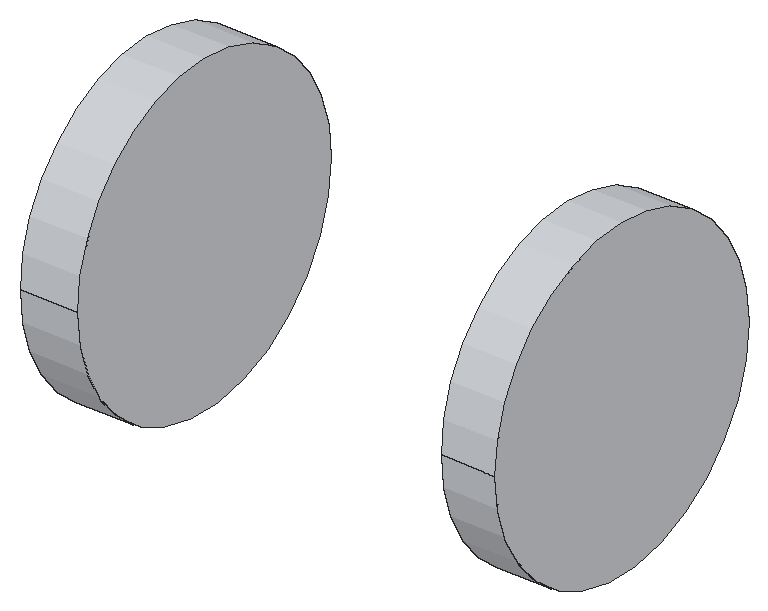
Revit family "ACM 200 T", category Mechanical Equipment, Revit 2013
Parameters (values of type "200T")
  Width = "223mm"
  Weight = "3.3kg"
  Warranty period = "Unit 2 Years"
  Spigot Diameter = "199.5mm"
  Spigot Depth = "n/a"
  Product Description = "200T"
  Part Number = "17106020"
  Operational and Maintenance Manual = "http://www.vent-axia.com/files/pdf-downloads/439305.pdf"
  Operating Temperature = "(-5C to +40C)"
  Operating Humidity = "n/a"
  Motor Rating = "114 Watts (max)"
  Manufacturer - Website = "www.vent-axia.com"
  Manufacturer - Name = "Vent-Axia Ltd"
  Manufacturer - Email = "sales@vent-axia.com"
  Manufacturer - Contact Phone = "0844 856 0590"
  Manufacturer - Address = "Fleming Way, Crawley, West Sussex RH10 9YX"
  IP Rating = "IP44"
  Height = "276mm\r\n220mm"
  Grille Depth = "n/a"
  Depth = "300mm"
  Country of Manufacture = "UK"
  Category = "ACM"
  AC Voltage Input = "220-240 V AC (single phase)"
  AC Frequency Input = "50Hz nominal"
Reference planes
  plane 1 "Center (Front/Back)": y = 0
  plane 2: z = 0
  plane 3 "Center (Left/Right)": x = 0
  plane 4: x = 151.452
  plane 5: x = -148.25
  plane 6: y = 95.25
  plane 7: y = -105.25
  plane 8: z = 150
  plane 9: z = -130
  plane 10: y = 118.811
  plane 11: y = -129.189
  plane 12: y = 111.5
Forms (mm)
  Extrusion 1, solid
    sketch origin (0, 0, 0) x (0, 1, 0) y (0, 0, 1)
      loop
        circle (-5, 0) r 100
    from 124.877 to 158.952
  Extrusion 2, solid
    sketch origin (-265, 0, 0) x (0, 1, 0) y (0, 0, 1)
      loop
        circle (-5, 0) r 100
    from 123.722 to 160
  Extrusion 3, solid, detail levels coarse+medium
    sketch origin (12.074, 253.949, 0) x (1, 0, 0) y (0, 1, 0)
      loop
        line (-187.074, -118.949) -> (-187.074, -402.05) -> (176.163, -402.05) -> (176.163, -118.949) -> (-187.074, -118.949)
    from -129.153 to 165
Dimensions and locks
  plane 7 to plane 6 = 200.5 mm
  plane 8 to plane 9 = 280 mm  (x2)
  plane 5 to plane 4 = 299.702 mm
  plane 11 to plane 10 = 248 mm  (x2)
Connectors
  hvac at (158.952, -5, 0)
    settings: on Extrusion 1, index 1, duct flow 0.0 L/s, flow factor 0, pres drop 0.0 Pa, loss coef 0, conn angle 0.00°, conn width 304.8 mm, conn height 304.8 mm, conn radius 100 mm, duct sys type 2, conn prof type 0, flow config 0, flow direction 2, loss method 0, conn ref index -1, conn util no, is conn primary yes, conn desc ""
  hvac at (-141.278, -5, 0)
    settings: on Extrusion 2, index 2, duct flow 0.0 L/s, flow factor 0, pres drop 0.0 Pa, loss coef 0, conn angle 0.00°, conn width 304.8 mm, conn height 304.8 mm, conn radius 100 mm, duct sys type 2, conn prof type 0, flow config 0, flow direction 2, loss method 0, conn ref index -1, conn util no, is conn primary no, conn desc ""
